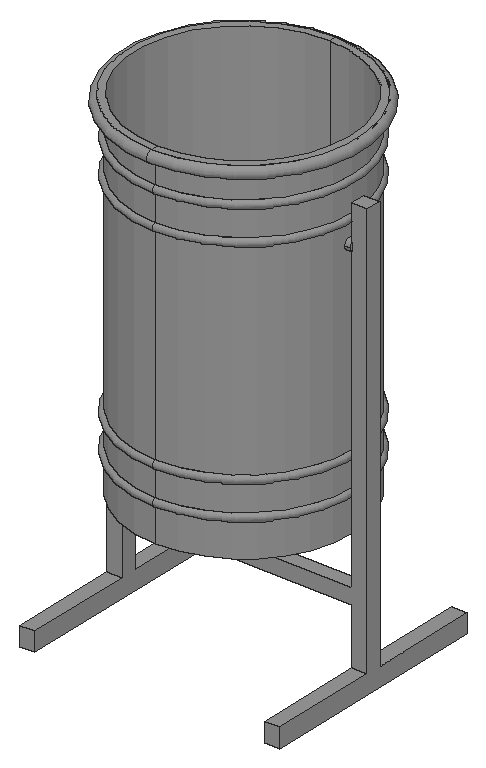
Revit family "7331 Урна стальная «Омега» круглая Хоббика", category Антураж, Revit 2018
Family settings
  На основе рабочей плоскости = Нет
  Всегда вертикально = Да
  При загрузке вырезать с полостями = Нет
  Источник визуального образа = Геометрия семейства
  Общий = Нет
  Точка расчета площади = Нет
Parameters (values of type "Урна стальная «Омега» круглая, объемом 30 литров")
  Ширина = 310 mm  # constant formula
  Цвет урны = Урна
  Цвет опор = Опора
  Описание = "Урна стальная «Омега» круглая, объемом 30 литров"  # constant formula
  Материал изделия = "Сталь"  # constant formula
  Изображение типоразмера = Урна стальная «Омега» круглая, объемом 30 литров Арт 7331.jpg
  Изготовитель = "ООО «Хоббика»"  # constant formula
  Длина = 345 mm  # constant formula
  Группа модели = "Уличные урны"  # constant formula
  Высота = 650 mm  # constant formula
  Артикул товара = "Арт. 7331"  # constant formula
  URL = "https://hobbyka.ru/product/urna-pepelnica_omega/"
Reference planes
  plane 1 "По центру (Вперед/Назад)": y = 0
  plane 2: z = 0
  plane 3 "По центру (Влево/Вправо)": x = 0
  plane 4: x = 345
  plane 5: y = 310
  plane 6: z = 650
Forms (mm)
  Extrusion 1, solid, material "Опора" <- "Цвет опор"
    sketch origin (0, 0, 0) x (1, 0, 0) y (0, 0, 1)
      loop
        line (0, 577.5) -> (0, 0) -> (20, 0) -> (20, 100) -> (325, 100) -> (325, 0) -> (345, 0) -> (345, 577.5) -> (325, 577.5) -> (325, 120) -> (20, 120) -> (20, 577.5) -> (0, 577.5)
    from -165 to -145
  Extrusion 2, solid, material "Опора" <- "Цвет опор"
    sketch origin (0, 0, 0) x (1, 0, 0) y (0, 1, 0)
      loop
        line (0, 310) -> (0, 0) -> (20, 0) -> (20, 310) -> (0, 310)
      loop
        line (345, 310) -> (325, 310) -> (325, 0) -> (345, 0) -> (345, 310)
    from 0 to 25
  Extrusion 3, solid, material "Опора" <- "Цвет опор"
    sketch origin (0, 0, 0) x (0, 1, 0) y (0, 0, 1)
      loop
        circle (150, 525) r 7.5
    from 20 to 29.04
  Extrusion 4, solid, material "Опора" <- "Цвет опор"
    sketch origin (345, 0, 0) x (0, 1, 0) y (0, 0, -1)
      loop
        circle (150, -525) r 7.5
    from 20 to 28.844
Cuts and joins
  joined: Extrusion 1, Extrusion 2
Dimensions and locks
  "Ширина": plane 5 to plane 1 "По центру (Вперед/Назад)"
  "Длина": plane 3 "По центру (Влево/Вправо)" to plane 4
  "Высота": plane 6 to level
  equal spacing: plane 5, nested 1, plane 1 "По центру (Вперед/Назад)"
  equal spacing: plane 3 "По центру (Влево/Вправо)", nested 1, plane 4
  aligned and locked: level to plane 2
  aligned and locked: nested 1 to plane 6
Automatic sketch dimensions
  Extrusion 1 sketch curve to plane 3 "По центру (Влево/Вправо)" = 0 mm
  Extrusion 1 sketch curve to level = 0 mm  (x2)
  Extrusion 1 sketch curve to plane 4 = 0 mm
  plane 3 "По центру (Влево/Вправо)" to Extrusion 1 sketch curve = 20 mm  (x2)
  Extrusion 1 sketch curve to Extrusion 1 sketch curve = 20 mm  (x3)
  level to Extrusion 1 sketch curve = 100 mm
  Extrusion 1 sketch curve to plane 6 = 72.5 mm  (x2)
  plane 1 "По центру (Вперед/Назад)" to Extrusion 2 sketch curve = 0 mm  (x2)
  Extrusion 2 sketch curve to plane 3 "По центру (Влево/Вправо)" = 0 mm
  Extrusion 2 sketch curve to plane 5 = 0 mm  (x2)
  Extrusion 2 sketch curve to plane 4 = 0 mm
  plane 3 "По центру (Влево/Вправо)" to Extrusion 2 sketch curve = 20 mm
  Extrusion 2 sketch curve to plane 4 = 20 mm
  Extrusion 3 sketch curve to plane 1 "По центру (Вперед/Назад)" = 150 mm
  Extrusion 3 sketch curve to plane 6 = 125 mm
  Extrusion 4 sketch curve to plane 1 "По центру (Вперед/Назад)" = 150 mm
  Extrusion 4 sketch curve to plane 6 = 125 mm
  radius of Extrusion 3 sketch curve = 7.5 mm
  radius of Extrusion 4 sketch curve = 7.5 mm
Nested families
  nested 1: "Урна-пепельница Омега Арт 7331 урна" at (172.5, 155, 650), type "30 литров"
Definition of nested family "Урна-пепельница Омега Арт 7331 урна"
  Parameters (values of type "20 литров")
    Материал урны = none
    Height = 0 mm
    30 литров = no
    20 литров = yes
  Types (2, lengths in mm): name | 30 литров | 20 литров
    20 литров | no | yes
    30 литров | yes | no
  Reference planes
    plane 1 "По центру (Вперед/Назад)": y = 0
    plane 2: z = 0
    plane 3 "По центру (Влево/Вправо)": x = 0
  Forms (mm)
    Revolve 1, solid, material <- "Материал урны", visible <- "30 литров"
      sketch origin (0, 0, -472) x (0, 1, 0) y (0, 0, 1)
        loop
          line (0, 0) -> (0, 2) -> (-143, 2) -> (-143, 472) -> (-152.5, 472)
          arc (-152.5, 472) -> (-160, 464.5) -> (-152.5, 457) r 7.5
          line (-152.5, 457) -> (-145, 457) -> (-145, 427)
          arc (-145, 427) -> (-150, 422) -> (-145, 417) r 5
          line (-145, 417) -> (-145, 382)
          arc (-145, 382) -> (-150, 377) -> (-145, 372) r 5
          line (-145, 372) -> (-145, 100)
          arc (-145, 100) -> (-150, 95) -> (-145, 90) r 5
          line (-145, 90) -> (-145, 55)
          arc (-145, 55) -> (-150, 50) -> (-145, 45) r 5
          line (-145, 45) -> (-145, 0) -> (0, 0)
        axis (0, 472) -> (0, 0)
      angle from 0 to 360
    Revolve 2, solid, material <- "Материал урны", visible <- "20 литров"
      sketch origin (0, 0, -317) x (0, 1, 0) y (0, 0, 1)
        loop
          line (0, 0) -> (0, 2) -> (-143, 2) -> (-143, 317) -> (-152.5, 317)
          arc (-152.5, 317) -> (-160, 309.5) -> (-152.5, 302) r 7.5
          line (-152.5, 302) -> (-145, 302) -> (-145, 272)
          arc (-145, 272) -> (-150, 267) -> (-145, 262) r 5
          line (-145, 262) -> (-145, 227)
          arc (-145, 227) -> (-150, 222) -> (-145, 217) r 5
          line (-145, 217) -> (-145, 100)
          arc (-145, 100) -> (-150, 95) -> (-145, 90) r 5
          line (-145, 90) -> (-145, 55)
          arc (-145, 55) -> (-150, 50) -> (-145, 45) r 5
          line (-145, 45) -> (-145, 0) -> (0, 0)
        axis (0, 317) -> (0, 0)
      angle from 0 to 360
  Dimensions and locks
    Revolve 1 to Revolve 1 = 470 mm
    diameter of Revolve 1 = 286 mm
    aligned and locked: level to plane 2
